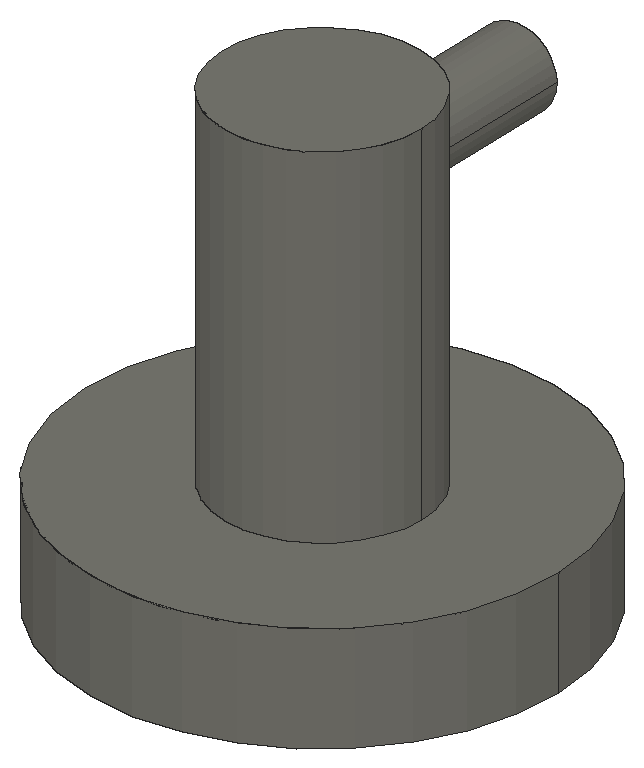
Revit family "ALMA-Farina_Robe_Hook", category Specialty Equipment, host Face, Revit 2026
Family settings
  Host = Face
  Round Connector Dimension = Use Diameter
  Part Type = Normal
  Enable Cutting in Views = Yes
  Cut with Voids When Loaded = No
  Maintain Annotation Orientation = No
  Shared = No
  Room Calculation Point = No
Parameters (values of type "BRUSHED GUNMETAL")
  Material = BM_GUNMETAL
  Default Elevation = 1219.2 mm
Types (6, lengths in mm): name | Material
  (no name) | BM_GUNMETAL
  MATTE BLACK | BM_MATTE BLACK
  BRUSHED NICKEL | BM_NICKEL
  BRUSHED BRASS GOLD | BM_BRASS GOLD
  BRUSHED GUNMETAL | BM_GUNMETAL
  BRUSHED ANTIQUE BRASS | BM_ANTIQUE BRASS
Reference planes
  plane 1 "Center (Front/Back)": y = 0
  plane 2: z = 0
  plane 3 "Center (Left/Right)": x = 0
Forms (mm)
  Extrusion 1, solid, material "BM_GUNMETAL" <- "Material"
    sketch origin (0, 0, 0) x (1, 0, 0) y (0, 1, 0)
      loop
        circle (0, 0) r 23.75
    from 0 to 10.8
  Extrusion 2, solid, material "BM_GUNMETAL" <- "Material"
    sketch origin (0, 0, 10.8) x (1, 0, 0) y (0, 1, 0)
      loop
        circle (0, 0) r 10
    from 0 to 35.2
  Extrusion 3, solid, material "BM_GUNMETAL" <- "Material"
    sketch origin (0, 0, 29.771) x (1, 0, 0) y (0, 0, 1)
      loop
        circle (0, 7.529) r 4
    from -24.4 to -7.428
Cuts and joins
  joined: Extrusion 2, Extrusion 3
Text (mm)
  text "Refer to www.buildmat.com.au for the most current product literature. \nAllow a +/- 5mm tolerance for dimensions shown in the product literature. \nPlease note product details are subject to change due to ongoing product development." at (-1.255, -1297.483, 0), in view "Ref. Level"
Dimensions and locks
  aligned and locked: plane 2 to host face
  aligned and locked: level to host face
